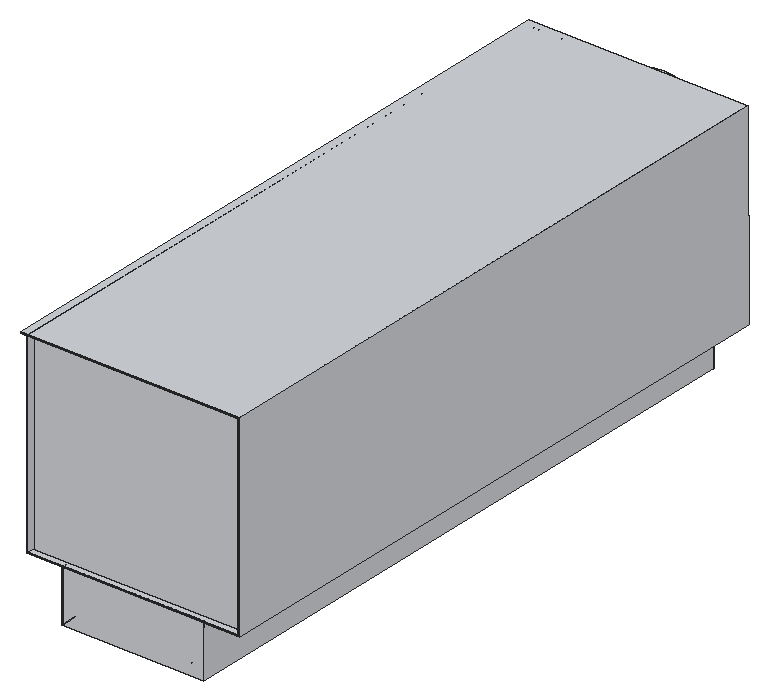
Revit family "Plenum (P-N, P-L) (Arrangement H)", category Mechanical Equipment, Revit 2015
Parameters
  Width = 0' - 8"
  URL = "https://unitedenertech.com/catalog/pdf/I_2%20Model%20P-N,%20P-L,%20P-EX,%20P-N-SL,%20P-L-SL,%20P-EX-SL.pdf"
  Type Comments = "Consult Factory for Max. Sizes"
  P-L (Insulation Option) = yes
  Model = "P-N / P-L (Arrangement H)"
  Manufacturer = "United Enertech Corporation"
  Length = 3' - 0"
  Keynote = "Model Shown without Damper Option. Consult Factory for Models with Dampers."
  Inlet Size = 0' - 6"
  Inlet Radius OD [instance] = Inlet Size / 2  # 0' - 3"
  Inlet Radius ID [instance] = Inlet Radius OD - 0' 0 9/256"  # 0' - 2 247/256"
  Hem Option = yes
  Height = 1' - 2"
  Description = "Plenum for Diffusers"
  B = 0' - 2"
  A = 0' - 3"
Reference planes (in)
  plane 1 "Center (Front/Back)": y = 0
  plane 2: z = 0
  plane 3 "Center (Left/Right)": x = 0
  plane 4: x = 12
  plane 5: x = 0.035
  plane 6: x = 11.965
  plane 7: z = 14
  plane 8: z = 13.965
  plane 9: z = 13.93
  plane 10: z = 13
  plane 11: z = 3
  plane 12: z = 7
  plane 13: z = 10
  plane 14: y = 18
  plane 15: y = -18
  plane 16: y = -17.965
  plane 17: y = 17.965
  plane 18: x = -0.375
  plane 19: y = 17.59
  plane 20: y = 17.55484
  plane 21: y = -17.59
  plane 22: y = -17.55484
  plane 23: z = 2.96484
  plane 24: x = 0.07016
  plane 25: x = 11.92984
  plane 26: y = 17.05484
  plane 27: x = 0.57016
  plane 28: x = 11.42984
  plane 29: y = -17.05484
  plane 30: z = 13.43
  plane 31: x = 6
  plane 32: x = 2
  plane 33: x = 10
  plane 34: z = 2.92969
  plane 35: x = 2.03516
  plane 36: x = 9.96484
  plane 37: y = 19.5
Forms (in)
  Extrusion 1, solid
    sketch origin (0, 0, 0) x (1, 0, 0) y (0, 0, 1)
      loop
        line (-0.375, 14) -> (-0.375, 13.965) -> (11.965, 13.965) -> (11.965, 2.96484) -> (9.96484, 2.96484) -> (9.96484, 0) -> (10, 0) -> (10, 2.92969) -> (12, 2.92969) -> (12, 14) -> (-0.375, 14)
    from -17.965 to 17.965
  Extrusion 2, solid
    sketch origin (0, 0, 0) x (1, 0, 0) y (0, 0, 1)
      loop
        line (-0.375, 13.965) -> (-0.375, 13.93) -> (0, 13.93) -> (0, 2.92969) -> (2, 2.92969) -> (2, 0) -> (2.03516, 0) -> (2.03516, 2.96484) -> (0.035, 2.96484) -> (0.035, 13.965) -> (-0.375, 13.965)
    from -17.965 to 17.965
  Extrusion 3, solid
    sketch origin (0, 0, 0) x (0, 1, 0) y (0, 0, 1)
      loop
        line (17.965, 13.965) -> (17.55484, 13.965) -> (17.55484, 2.96484) -> (18, 2.96484) -> (18, 3) -> (17.59, 3) -> (17.59, 13.93) -> (17.965, 13.93) -> (17.965, 13.965)
    from 0.035 to 11.965
  Extrusion 4, solid
    sketch origin (0, 0, 0) x (0, 1, 0) y (0, 0, 1)
      loop
        line (-17.965, 13.965) -> (-17.965, 13.93) -> (-17.59, 13.93) -> (-17.59, 3) -> (-18, 3) -> (-18, 2.96484) -> (-17.55484, 2.96484) -> (-17.55484, 13.965) -> (-17.965, 13.965)
    from 0.035 to 11.965
  Extrusion 5, solid
    sketch origin (0, 0, 0) x (1, 0, 0) y (0, 0, 1)
      loop
        line (0.035, 3) -> (0.07016, 3) -> (0.07016, 13.93) -> (0.035, 13.93) -> (0.035, 3)
    from 17.59 to 17.965
  Extrusion 6, solid
    sketch origin (0, 0, 0) x (1, 0, 0) y (0, 0, 1)
      loop
        line (0.035, 3) -> (0.07016, 3) -> (0.07016, 13.93) -> (0.035, 13.93) -> (0.035, 3)
    from -17.965 to -17.59
  Extrusion 7, solid
    sketch origin (0, 0, 0) x (1, 0, 0) y (0, 0, 1)
      loop
        line (11.92984, 3) -> (11.965, 3) -> (11.965, 13.93) -> (11.92984, 13.93) -> (11.92984, 3)
    from 17.59 to 17.965
  Extrusion 8, solid
    sketch origin (0, 0, 0) x (1, 0, 0) y (0, 0, 1)
      loop
        line (11.92984, 3) -> (11.965, 3) -> (11.965, 13.93) -> (11.92984, 13.93) -> (11.92984, 3)
    from -17.965 to -17.59
  Extrusion 9, solid, material "Rigid insulation", visible <- "P-L (Insulation Option)"
    sketch origin (0, 0, 0) x (1, 0, 0) y (0, 0, 1)
      loop
        line (0.07016, 13.43) -> (11.92984, 13.43) -> (11.92984, 13.93) -> (0.07016, 13.93) -> (0.07016, 13.43)
    from -17.55484 to 17.55484
  Extrusion 10, solid, material "Rigid insulation", visible <- "P-L (Insulation Option)"
    sketch origin (0, 0, 0) x (1, 0, 0) y (0, 1, 0)
      loop
        line (0.57016, -17.05484) -> (11.42984, -17.05484) -> (11.42984, 17.05484) -> (0.57016, 17.05484) -> (0.57016, -17.05484)
      loop
        line (0.07016, -17.55484) -> (11.92984, -17.55484) -> (11.92984, 17.55484) -> (0.07016, 17.55484) -> (0.07016, -17.55484)
    from 3 to 13.43
  Extrusion 11, solid, visible <- "Hem Option"
    sketch origin (0, 0, 0) x (1, 0, 0) y (0, 0, 1)
      loop
        line (2.03516, 0) -> (2.74226, 0.70711) -> (2.7174, 0.73197) -> (2.03516, 0.04972) -> (2.03516, 0)
    from -17.965 to 17.965
  Extrusion 12, solid, visible <- "Hem Option"
    sketch origin (0, 0, 0) x (1, 0, 0) y (0, 0, 1)
      loop
        line (9.96484, 0) -> (9.96484, 0.04972) -> (9.2826, 0.73197) -> (9.25774, 0.70711) -> (9.96484, 0)
    from -17.965 to 17.965
  Extrusion 13, solid
    sketch origin (0, 0, 0) x (0, 1, 0) y (0, 0, 1)
      loop
        line (18, 3) -> (17.965, 3) -> (17.965, 0) -> (18, 0) -> (18, 3)
    from 2 to 10
  Extrusion 14, solid
    sketch origin (0, 0, 0) x (0, 1, 0) y (0, 0, 1)
      loop
        line (-17.965, 3) -> (-18, 3) -> (-18, 0) -> (-17.965, 0) -> (-17.965, 3)
    from 2 to 10
  Extrusion 15, void
    sketch origin (0, 0, 0) x (1, 0, 0) y (0, 0, 1)
      loop
        circle (6, 10) r 2.96484
    from -19.5 to -17.05484
  Extrusion 16, solid
    sketch origin (0, 0, 0) x (1, 0, 0) y (0, 0, 1)
      loop
        circle (6, 10) r 3
      loop
        circle (6, 10) r 2.96484
    from -19.5 to -17.59
Cuts and joins
  Extrusion 15 cuts Extrusion 3
  Extrusion 15 cuts Extrusion 10
Dimensions and locks (in)
  locked: plane 3 "Center (Left/Right)" to plane 5 at 0.035
  locked: plane 6 to plane 4 at 0.035
  locked: plane 7 to plane 8 at 0.035
  locked: plane 8 to plane 9 at 0.035
  locked: plane 7 to plane 10 at 1
  "Height": plane 7 to level
  "A": plane 11 to level
  equal spacing: plane 10, plane 13, plane 12
  "Inlet Size": plane 10 to plane 12
  equal spacing: plane 14, plane 1 "Center (Front/Back)", plane 15
  "Length": plane 14 to plane 15
  locked: plane 16 to plane 15 at 0.035
  locked: plane 17 to plane 14 at 0.035
  locked: plane 3 "Center (Left/Right)" to plane 18 at 0.375
  locked: plane 17 to plane 19 at 0.375
  locked: plane 19 to plane 20 at 0.03516
  locked: plane 21 to plane 16 at 0.375
  locked: plane 22 to plane 21 at 0.03516
  locked: plane 11 to plane 23 at 0.03516
  locked: plane 24 to plane 5 at 0.03516
  locked: plane 25 to plane 6 at 0.03516
  locked: plane 20 to plane 26 at 0.5
  locked: plane 24 to plane 27 at 0.5
  locked: plane 28 to plane 25 at 0.5
  locked: plane 29 to plane 22 at 0.5
  locked: plane 9 to plane 30 at 0.5
  locked: Extrusion 11 sketch curve to Extrusion 11 sketch curve at 1
  locked: Extrusion 12 sketch curve to Extrusion 12 sketch curve at 1
  equal spacing: plane 4, plane 31, plane 3 "Center (Left/Right)"
  equal spacing: plane 33, plane 31, plane 32
  "Width": plane 33 to plane 32
  "B": plane 32 to plane 3 "Center (Left/Right)"
  locked: plane 23 to plane 34 at 0.03516
  locked: plane 35 to plane 32 at 0.03516
  locked: plane 33 to plane 36 at 0.03516
  locked: plane 37 to plane 14 at 1.5
  "Inlet Radius ID": radius of Extrusion 15 sketch curve
  "Inlet Radius ID": radius of Extrusion 16 sketch curve
  "Inlet Radius OD": radius of Extrusion 16 sketch curve
  locked: level to Extrusion 11 sketch curve (angle 45.00°)
  locked: Extrusion 12 sketch curve to level (angle 45.00°)
  aligned and locked: level to plane 2
  aligned and locked: plane 18 to Extrusion 1 sketch curve
  aligned and locked: Extrusion 1 sketch curve to plane 7
  aligned and locked: plane 4 to Extrusion 1 sketch curve
  aligned and locked: Extrusion 1 sketch curve to plane 6
  aligned and locked: plane 8 to Extrusion 1 sketch curve
  aligned and locked: Extrusion 1 to plane 17
  aligned and locked: Extrusion 1 to plane 16
  aligned and locked: Extrusion 2 sketch curve to plane 8
  aligned and locked: plane 18 to Extrusion 2 sketch curve
  aligned and locked: plane 9 to Extrusion 2 sketch curve
  aligned and locked: Extrusion 2 sketch curve to plane 5
  aligned and locked: plane 3 "Center (Left/Right)" to Extrusion 2 sketch curve
  aligned and locked: Extrusion 2 to plane 16
  aligned and locked: Extrusion 2 to plane 17
  aligned and locked: Extrusion 3 sketch curve to plane 8
  aligned and locked: plane 17 to Extrusion 3 sketch curve
  aligned and locked: plane 9 to Extrusion 3 sketch curve
  aligned and locked: Extrusion 3 sketch curve to plane 14
  aligned and locked: plane 23 to Extrusion 3 sketch curve
  aligned and locked: Extrusion 3 sketch curve to plane 11
  aligned and locked: plane 19 to Extrusion 3 sketch curve
  aligned and locked: Extrusion 3 sketch curve to plane 20
  aligned and locked: Extrusion 3 to plane 5
  aligned and locked: Extrusion 3 to plane 6
  aligned and locked: plane 8 to Extrusion 4 sketch curve
  aligned and locked: Extrusion 4 sketch curve to plane 16
  aligned and locked: Extrusion 4 sketch curve to plane 9
  aligned and locked: Extrusion 4 sketch curve to plane 15
  aligned and locked: Extrusion 4 sketch curve to plane 23
  aligned and locked: plane 11 to Extrusion 4 sketch curve
  aligned and locked: Extrusion 4 sketch curve to plane 21
  aligned and locked: Extrusion 4 sketch curve to plane 22
  aligned and locked: Extrusion 4 to plane 5
  aligned and locked: Extrusion 4 to plane 6
  aligned and locked: plane 9 to Extrusion 5 sketch curve
  aligned and locked: Extrusion 5 sketch curve to plane 5
  aligned and locked: plane 24 to Extrusion 5 sketch curve
  aligned and locked: Extrusion 5 sketch curve to plane 11
  aligned and locked: Extrusion 6 to plane 17
  aligned and locked: plane 19 to Extrusion 6
  aligned and locked: Extrusion 5 to plane 21
  aligned and locked: Extrusion 5 to plane 16
  aligned and locked: Extrusion 7 sketch curve to plane 11
  aligned and locked: Extrusion 7 sketch curve to plane 6
  aligned and locked: Extrusion 7 sketch curve to plane 25
  aligned and locked: plane 9 to Extrusion 7 sketch curve
  aligned and locked: Extrusion 8 to plane 17
  aligned and locked: plane 19 to Extrusion 8
  aligned and locked: Extrusion 7 to plane 16
  aligned and locked: Extrusion 7 to plane 21
  aligned and locked: plane 9 to Extrusion 9 sketch curve
  aligned and locked: plane 25 to Extrusion 9 sketch curve
  aligned and locked: Extrusion 9 sketch curve to plane 24
  aligned and locked: Extrusion 9 sketch curve to plane 30
  aligned and locked: Extrusion 9 to plane 22
  aligned and locked: Extrusion 9 to plane 20
  aligned and locked: Extrusion 10 sketch curve to plane 24
  aligned and locked: Extrusion 10 sketch curve to plane 20
  aligned and locked: plane 25 to Extrusion 10 sketch curve
  aligned and locked: Extrusion 10 sketch curve to plane 22
  aligned and locked: Extrusion 10 sketch curve to plane 29
  aligned and locked: Extrusion 10 sketch curve to plane 27
  aligned and locked: plane 28 to Extrusion 10 sketch curve
  aligned and locked: plane 26 to Extrusion 10 sketch curve
  aligned and locked: Extrusion 10 to plane 11
  aligned and locked: plane 30 to Extrusion 10
  aligned and locked: level to Extrusion 11 sketch curve
  aligned and locked: Extrusion 11 to plane 16
  aligned and locked: Extrusion 11 to plane 17
  aligned and locked: level to Extrusion 12 sketch curve
  aligned and locked: Extrusion 12 to plane 17
  aligned and locked: Extrusion 12 to plane 16
  aligned and locked: plane 23 to Extrusion 2 sketch curve
  aligned and locked: Extrusion 2 sketch curve to plane 34
  aligned and locked: Extrusion 2 sketch curve to plane 32
  aligned and locked: Extrusion 2 sketch curve to level
  aligned and locked: Extrusion 2 sketch curve to plane 35
  aligned and locked: Extrusion 11 sketch curve to plane 35
  aligned and locked: plane 36 to Extrusion 12 sketch curve
  aligned and locked: plane 34 to Extrusion 1 sketch curve
  aligned and locked: Extrusion 1 sketch curve to plane 23
  aligned and locked: level to Extrusion 1 sketch curve
  aligned and locked: plane 36 to Extrusion 1 sketch curve
  aligned and locked: Extrusion 1 sketch curve to plane 33
  aligned and locked: Extrusion 13 sketch curve to level
  aligned and locked: plane 17 to Extrusion 13 sketch curve
  aligned and locked: Extrusion 13 sketch curve to plane 11
  aligned and locked: plane 14 to Extrusion 13 sketch curve
  aligned and locked: Extrusion 13 to plane 32
  aligned and locked: plane 33 to Extrusion 13
  aligned and locked: plane 11 to Extrusion 14 sketch curve
  aligned and locked: plane 16 to Extrusion 14 sketch curve
  aligned and locked: Extrusion 14 sketch curve to level
  aligned and locked: Extrusion 14 sketch curve to plane 15
  aligned and locked: Extrusion 14 to plane 32
  aligned and locked: plane 33 to Extrusion 14
  aligned and locked: Extrusion 15 to plane 26
  aligned and locked: plane 37 to Extrusion 15
  aligned and locked: plane 37 to Extrusion 16
  aligned and locked: plane 19 to Extrusion 16
Automatic sketch dimensions
  Extrusion 6 sketch curve to plane 5 = 0' - 0"
  Extrusion 6 sketch curve to plane 9 = 0' - 0"
  Extrusion 6 sketch curve to plane 24 = 0' - 0"
  Extrusion 6 sketch curve to plane 11 = 0' - 0"
  Extrusion 8 sketch curve to plane 9 = 0' - 0"
  Extrusion 8 sketch curve to plane 25 = 0' - 0"
  plane 6 to Extrusion 8 sketch curve = 0' - 0"
  Extrusion 8 sketch curve to plane 11 = 0' - 0"
  Extrusion 11 sketch curve to Extrusion 11 sketch curve = 0' - 0.02486"
  Extrusion 12 sketch curve to Extrusion 12 sketch curve = 0' - 0.02486"
  Extrusion 15 sketch curve to plane 13 = 0' - 0"
  plane 31 to Extrusion 15 sketch curve = 0' - 0"
  Extrusion 16 sketch curve to Extrusion 16 sketch curve = 0' - 0"  (x2)
  Extrusion 16 sketch curve to plane 13 = 0' - 0"
  plane 31 to Extrusion 16 sketch curve = 0' - 0"
